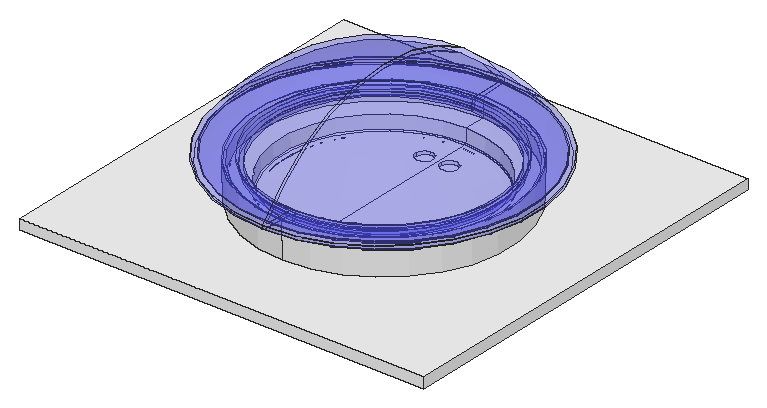
Revit family "BE_24029_de_DE", category Leuchten, Revit 2020
Family settings
  Basisbauteil = Fläche
  Bemaßung runder Anschluss = Durchmesser verwenden
  Teiletyp = Normal
  Beim Laden mit Abzugskörper schneiden = Ja
  Lichtquelle = Ja
  Gemeinsam genutzt = Nein
  Raumberechnungspunkt = Ja
Parameters (values of type "BEGA_24029_Weiß_K4")
  built-in parameter 1150104 = 12.105 (stored number, unit not read)
  Wattage = 14.2 W
  Default Elevation = 0 mm
  built-in parameter 1150113 = 1 (stored number, unit not read)
  built-in parameter 1114218 = 1 (stored number, unit not read)
  Umgebungstemperatur = "25 °C"
  URL = "https://www.bega.com/de/produkt/24029"
  Typenkommentare = "© 2022 BEGA. Wir behalten uns das Recht vor, technische Änderungen ohne vorherige Ankündigung vorzunehmen."  # constant formula
  Type Image = 24029.png
  built-in parameter 1150134 = 12
  built-in parameter 1150109 = 1 (stored number, unit not read)
  Strom = ""
  built-in parameter 1150110 = 1 (stored number, unit not read)
  Spannung = 239.996 V
  Sonderanfertigung = no
  Seriennummer [instance] = "Hier können Sie die eindeutige Seriennummer für das Facility Management eintragen."
  Schutzklasse = "I"
  Schutzart = "IP 65"
  Scheinlast = 0 VA
  Produktdatenblatt = "https://cdn.bega.com/bega/products/24029K3/current/documents/data-sheets/de"
  Oberflächentemperatur = ""
  Neigungswinkel = 0.00°
  Modell = "24029K4"
  Material_17 = BEGA_Reflektor
  Material_15 = BEGA_Leuchtmedium_matt
  Material_11 = BEGA_Glas_opal
  Material_09 = BEGA_Glas_klar
  Material_06 = BEGA_Oberfläche_Edelstahl_gebürstet
  Material_05 = BEGA_Oberfläche_Aluminium Guss
  Material_03 = BEGA_Oberfläche_Weiss_matt
  Material_02 = BEGA_Oberfläche_Silber_matt
  Material_01 [instance] = BEGA_Oberfläche_Grafit_matt
  M_W = yes
  M_G = no
  M_A = no
  Logo = 0
  built-in parameter 1114217 = 1 (stored number, unit not read)
  built-in parameter 1150139 = (empty or 0)
  built-in parameter 1150105 = 472.73 (stored number, unit not read)
  built-in parameter 1150114 = 1 (stored number, unit not read)
  Lumens = 1850.26 lm
  built-in parameter 1150115 = 1 (stored number, unit not read)
  Leuchtenlichtstrom = "1942 lm"
  Leuchtenanzahl = ""
  Lebensdauerkriterien = "L70B50 @ 25 °C = 200000 h"
  Lastklassifizierung = Beleuchtung
  built-in parameter 1150112 = 1 (stored number, unit not read)
  Lampenlichtstrom = "2625 lm"
  Lampe = "LED 13.8 W"
  LED_Modulbezeichnung = "LED-0917/840"
  built-in parameter 1150142 = (empty or 0)
  Hersteller = "BEGA"  # constant formula
  Halbstreuwinkel = ""
  Gewicht = "2.4 kg"
  Gebrauchslageneinschränkung [instance] = ""
  Frequenz = "0/50-60 Hz"
  Farbwiedergabeindex = "CRI > 80"
  Farbtemperaturverschiebung bei Dämpfen der Lampe = <Keine Auswahl>
  Farbtemperatur = "4000 K"
  Color Filter = 16777215
  built-in parameter 1150133 = 10 (stored number, unit not read)
  Energieeffizienzklasse = "LED A++ - A"
  built-in parameter 1150137 = (empty or 0)
  built-in parameter 1150132 = (empty or 0)
  ENEC = "ja"
  Dimmbar [instance] = "DALI"
  Datei für fotometrisches Netz = "BE_24029K4.IES"
  CE_Konformität = "ja"
  Bestellnummer = "24029K4"
  Beschreibung_Sonderanfertigung = "Hier können Sie Informationen zur Sonderanfertigung eintragen."
  Beschreibung = "Decken- und Wandleuchte"
  built-in parameter 1150106 = 4.7273 (stored number, unit not read)
  Befestigungsbohrung = "Ø 5,5 mm"
  Befestigungsabstand = "234 mm"
  Ballwurfsicher = ""
  BEGA_Intern_aus = yes
  BEGA_Intern_an = yes
  BEGA_Intern_Konstruktion = yes
  BEGA_Intern = yes
  BEGA_IES = yes
  BEGA_Dummy = no
  Anschlussleitung = ""
  Anschlussleistung [instance] = "16.3 W"
  Anschlusskasten = ""
  built-in parameter 1150107 = 4000 (stored number, unit not read)
  built-in parameter 1150102 = (empty or 0)
  built-in parameter 1150138 = (empty or 0)
  Aktualisierung = "2022-05-18T04:00:07"
  Abstand_zur_angestrahlten_Fläche [instance] = ""
  AC/DC = "AC/DC"
Types (2, lengths in mm): name | built-in parameter 1150134 | Modell | Leuchtenlichtstrom | Lampenlichtstrom | LED_Modulbezeichnung | Farbtemperatur | Datei für fotometrisches Netz | Bestellnummer | built-in parameter 1150107
  BEGA_24029_Weiß_K3 | (empty or 0) | "24029K3" | "1912 lm" | "2585 lm" | "LED-0917/830" | "3000 K" | "BE_24029K3.IES" | "24029K3" | 3000 (stored number, unit not read)
  BEGA_24029_Weiß_K4 | 12 | "24029K4" | "1942 lm" | "2625 lm" | "LED-0917/840" | "4000 K" | "BE_24029K4.IES" | "24029K4" | 4000 (stored number, unit not read)
Reference planes
  plane 1 "Mitte (Vorne/Hinten)": y = 0
  plane 2: z = 0
  plane 3 "Mitte (Links/Rechts)": x = 0
  plane 4 "Links": x = -150
  plane 5 "Rechts": x = 150
  plane 6 "Unten": y = -150
  plane 7 "Oben": y = 150
  plane 8 "Vorne": z = 119
  plane 9 "Hinten": z = 0
Forms (mm)
  Extrusion 1, solid, material "BEGA_Platte_Weiss"
    sketch origin (0, -1119.2, 0) x (1, 0, 0) y (0, 1, 0)
      loop
        line (-200, 1319.2) -> (-200, 919.2) -> (200, 919.2) -> (200, 1319.2) -> (-200, 1319.2)
    from 0 to -10
  Extrusion 2, solid, material "BEGA_Dummy_matt", visible <- "BEGA_Dummy"
    sketch origin (77.149, -76.023, 0) x (1, 0, 0) y (0, 1, 0)
      loop
        circle (-77.149, 76.023) r 150
    from 0 to 119
Dimensions and locks
  plane 1 "Mitte (Vorne/Hinten)" to Extrusion 1 = 200 mm
  aligned and locked: plane 2 to Extrusion 1
  aligned and locked: level to Extrusion 1
Nested families
  nested 1: "BE_24029" at (0, 0, 0), type "BE_24029"
Connectors
  electrical at (0, 0, 0), driven by "Lastklassifizierung", driven by "Spannung", driven by "Scheinlast"
    settings: index 1, voltage 239.996 V, apparent load 0 VA, apparent load phase1 0 VA, apparent load phase2 0 VA, apparent load phase3 0 VA, power factor 1, load classification "Beleuchtung", number of poles 1, system type 31, power factor state 1, is connector primary yes, connector utility no, sub classification motor no, connector description ""
Definition of nested family "BE_24029"
  Parameters (values of type "BE_24029")
    Default Elevation = 1 mm
    URL = "http://www.bega.de/de/produkt"
    Type Comments = "© 2015 BEGA. Wir behalten uns das Recht vor, technische Änderungen ohne vorherige Ankündigung vorzunehmen. "  # constant formula
    Type Image = (empty or 0)
    Neigungswinkel_um_Z2 = 0.00°
    Neigungswinkel_um_Z1 = 0.00°
    Neigungswinkel_um_Y2 = 0.00°
    Neigungswinkel_um_Y1 = 0.00°
    Neigungswinkel_um_X2 = 0.00°
    Neigungswinkel_um_X1 = 0.00°
    Material_17 = none
    Material_15 = none
    Material_11 = none
    Material_09 = none
    Material_06 = none
    Material_05 = none
    Material_03 = none
    Material_02 = none
    Material_01 = none
    M_W = yes
    M_G = yes
    M_A = yes
    Länge_Platte = 400 mm  # constant formula
    Höhe_Platte = -10 mm  # constant formula
    Manufacturer = "BEGA"  # constant formula
    Drehwinkel_um_Z2 = 0.00°
    Drehwinkel_um_Z1 = 0.00°
    Breite_Platte = 400 mm  # constant formula
  Reference planes
    plane 1 "Mitte (Oben/Unten)": y = 0
    plane 2: z = 0
    plane 3 "Mitte (Links/Rechts)": x = 0
    plane 4: y = -150
    plane 5: z = 119
    plane 6: y = 150
    plane 7: x = -150
    plane 8: x = 150
  Forms (mm)
    Extrusion 1, solid, detail levels medium
      sketch origin (0, 0, 0) x (1, 0, 0) y (0, 1, 0)
        loop
          line (-200, 200) -> (-200, -200) -> (200, -200) -> (200, 200) -> (-200, 200)
      from 0 to -10 <- "Höhe_Platte"
    Revolve 2, solid, material <- "Material_03", detail levels medium+fine
      sketch origin (0, 0, 0) x (0, 1, 0) y (0, 0, 1)
        loop
          line (0, 1.5) -> (0, 4) -> (-100.266, 4)
          arc (-100.266, 4) -> (-100.961, 4.281) -> (-101.265, 4.966) r 1
          line (-101.265, 4.966) -> (-101.721, 18) -> (-122.57, 18) -> (-122.301, 33.371) -> (-124.43, 35.5) -> (-125.5, 35.5) -> (-124.889, 0.5) -> (-122.875, 0.5) -> (-122.613, 15.5) -> (-105.101, 15.5)
          arc (-105.101, 15.5) -> (-104.405, 15.219) -> (-104.101, 14.534) r 1
          line (-104.101, 14.534) -> (-103.645, 1.466)
          arc (-103.645, 1.466) -> (-103.34, 0.781) -> (-102.645, 0.5) r 1
          line (-102.645, 0.5) -> (-98.918, 0.5)
          arc (-98.918, 0.5) -> (-98.418, 0.634) -> (-98.05, 1) r 1
          arc (-98.05, 1) -> (-97.684, 1.366) -> (-97.184, 1.5) r 1
          line (-97.184, 1.5) -> (0, 1.5)
        axis (0, 35.5) -> (0, 0.5)
      angle from 0 to 360
    Revolve 3, solid, material <- "Material_03", detail levels medium+fine
      sketch origin (117, 0, 0) x (0, 1, 0) y (0, 0, 1)
        loop
          line (-2.5, 0) -> (-2.5, 16.045) -> (-7.987, 16.045) -> (-6.932, 0.947)
          arc (-6.932, 0.947) -> (-6.61, 0.274) -> (-5.916, 0) r 1.018
          line (-5.916, 0) -> (-2.5, 0)
        axis (0, 16.045) -> (0, 0)
      angle from 0 to 360
    Extrusion 4, void
      sketch origin (0, 0, 0) x (1, 0, 0) y (0, 1, 0)
        loop
          circle (-12.315, 65.823) r 8.5
        loop
          circle (12.315, 65.823) r 8.5
      from 0 to 9
    Revolve 5, solid, material <- "Material_11", detail levels medium+fine
      sketch origin (0, 0, 0) x (0, 1, 0) y (0, 0, 1)
        loop
          arc (0, 119) -> (-84.138, 98.515) -> (-149.442, 41.647) r 183.033
          arc (-149.442, 41.647) -> (-149.685, 38.566) -> (-147.079, 36.905) r 3
          line (-147.079, 36.905) -> (-114.448, 36.051)
          arc (-114.448, 36.051) -> (-113.067, 35.447) -> (-112.5, 34.052) r 2
          line (-112.5, 34.052) -> (-112.5, 29) -> (-108.5, 29) -> (-108.5, 34.052)
          arc (-108.5, 34.052) -> (-110.201, 38.237) -> (-114.339, 40.05) r 6
          line (-114.339, 40.05) -> (-143.184, 40.805)
          arc (-143.184, 40.805) -> (-144.051, 41.353) -> (-143.979, 42.376) r 1
          arc (-143.979, 42.376) -> (-80.629, 95.816) -> (0, 115) r 179.033
          line (0, 115) -> (0, 119)
        axis (0, 119) -> (0, 29)
      angle from 0 to 360
    Revolve 6, solid, material <- "Material_03", detail levels medium+fine
      sketch origin (-117, 0, 0) x (0, 1, 0) y (0, 0, -1)
        loop
          line (-2.5, 0) -> (-5.916, 0)
          arc (-5.916, 0) -> (-6.61, -0.274) -> (-6.932, -0.947) r 1.018
          line (-6.932, -0.947) -> (-7.987, -16.045) -> (-2.5, -16.045) -> (-2.5, 0)
        axis (0, -16.045) -> (0, 0)
      angle from 0 to 360
  Cuts and joins
    Extrusion 4 cuts Revolve 2
    Extrusion 4 cuts Revolve 3
    joined: Revolve 2, Revolve 3, Revolve 6
  Dimensions and locks
    equal spacing: Extrusion 1 sketch curve, plane 3 "Mitte (Links/Rechts)", Extrusion 1 sketch curve
    equal spacing: Extrusion 1 sketch curve, plane 1 "Mitte (Oben/Unten)", Extrusion 1 sketch curve
    "Länge_Platte": Extrusion 1 sketch curve to Extrusion 1 sketch curve
    "Breite_Platte": Extrusion 1 sketch curve to Extrusion 1 sketch curve
    aligned and locked: plane 2 to Extrusion 1
    aligned and locked: level to Extrusion 1
  Automatic sketch dimensions
    Revolve 2 sketch curve to plane 1 "Mitte (Oben/Unten)" = 0 mm  (x2)
    level to Revolve 2 sketch curve = 1.5 mm  (x2)
    Revolve 2 sketch curve to Revolve 2 sketch curve = 1.734 mm
    Revolve 2 sketch curve to Revolve 2 sketch curve = 1.348 mm
    level to Revolve 2 sketch curve = 4.966 mm
    Revolve 2 sketch curve to Revolve 2 sketch curve = 0.999 mm  (x3)
    Revolve 2 sketch curve to Revolve 2 sketch curve = 0.455 mm
    Revolve 2 sketch curve to Revolve 2 sketch curve = 2.379 mm
    level to Revolve 2 sketch curve = 1.466 mm
    Revolve 2 sketch curve to Revolve 2 sketch curve = 2.38 mm
    level to Revolve 2 sketch curve = 0.5 mm  (x3)
    Revolve 2 sketch curve to Revolve 2 sketch curve = 1 mm
    Revolve 2 sketch curve to Revolve 2 sketch curve = 2.5 mm  (x2)
    Revolve 2 sketch curve to Revolve 2 sketch curve = 9.534 mm
    Revolve 2 sketch curve to Revolve 2 sketch curve = 0.034 mm
    Revolve 2 sketch curve to Revolve 2 sketch curve = 15.371 mm
    Revolve 2 sketch curve to Revolve 2 sketch curve = 2.129 mm  (x2)
    level to Revolve 2 sketch curve = 1 mm
    Revolve 2 sketch curve to Revolve 2 sketch curve = 0.002 mm
    Revolve 2 sketch curve to Revolve 2 sketch curve = 0 mm  (x2)
    Revolve 2 sketch curve to level = 2 mm
    Revolve 3 sketch curve to level = 0 mm  (x2)
    Revolve 3 sketch curve to plane 1 "Mitte (Oben/Unten)" = 0 mm
    Revolve 3 sketch curve to Revolve 3 sketch curve = 2.5 mm
    level to Revolve 3 sketch curve = 1.018 mm
    Revolve 3 sketch curve to Revolve 3 sketch curve = 3.416 mm
    level to Revolve 3 sketch curve = 0.947 mm
    Revolve 3 sketch curve to Revolve 3 sketch curve = 5.487 mm
    Revolve 3 sketch curve to Revolve 3 sketch curve = 15.098 mm
    Revolve 3 sketch curve to Revolve 3 sketch curve = 3.047 mm
    Extrusion 4 sketch curve to plane 3 "Mitte (Links/Rechts)" = 12.315 mm
    plane 3 "Mitte (Links/Rechts)" to Extrusion 4 sketch curve = 12.315 mm
    Extrusion 4 sketch curve to plane 1 "Mitte (Oben/Unten)" = 65.823 mm
    Extrusion 4 sketch curve to Extrusion 4 sketch curve = 0 mm
    Revolve 5 sketch curve to plane 1 "Mitte (Oben/Unten)" = 0 mm  (x3)
    Revolve 6 sketch curve to level = 0 mm  (x2)
    Revolve 6 sketch curve to plane 1 "Mitte (Oben/Unten)" = 0 mm
    Revolve 6 sketch curve to Revolve 6 sketch curve = 2.5 mm
    level to Revolve 6 sketch curve = 1.018 mm
    Revolve 6 sketch curve to Revolve 6 sketch curve = 3.416 mm
    level to Revolve 6 sketch curve = 0.947 mm
    Revolve 6 sketch curve to Revolve 6 sketch curve = 5.487 mm
    Revolve 6 sketch curve to Revolve 6 sketch curve = 15.027 mm
    Revolve 6 sketch curve to Revolve 6 sketch curve = 3.047 mm
    Revolve 5 sketch curve to Revolve 5 sketch curve = 12.396 mm
    plane 1 "Mitte (Oben/Unten)" to Revolve 5 sketch curve = 0 mm
    Revolve 5 sketch curve to level = 64.033 mm
    Revolve 5 sketch curve to Revolve 5 sketch curve = 0 mm  (x13)
    Revolve 5 sketch curve to Revolve 5 sketch curve = 5.464 mm
    level to Revolve 5 sketch curve = 42.376 mm
    Revolve 5 sketch curve to Revolve 5 sketch curve = 0.729 mm
    Revolve 5 sketch curve to Revolve 5 sketch curve = 2.442 mm
    Revolve 5 sketch curve to Revolve 5 sketch curve = 1.742 mm
    Revolve 5 sketch curve to Revolve 5 sketch curve = 0.079 mm
    Revolve 5 sketch curve to Revolve 5 sketch curve = 0.821 mm
    Revolve 5 sketch curve to Revolve 5 sketch curve = 0.572 mm
    Revolve 5 sketch curve to Revolve 5 sketch curve = 0.026 mm
    Revolve 5 sketch curve to Revolve 5 sketch curve = 4.754 mm
    Revolve 5 sketch curve to Revolve 5 sketch curve = 0.052 mm
    Revolve 5 sketch curve to Revolve 5 sketch curve = 0.109 mm
    Revolve 5 sketch curve to Revolve 5 sketch curve = 1.999 mm
    Revolve 5 sketch curve to Revolve 5 sketch curve = 3.999 mm
    Revolve 5 sketch curve to Revolve 5 sketch curve = 2 mm
    Revolve 5 sketch curve to Revolve 5 sketch curve = 5.052 mm
    Revolve 5 sketch curve to Revolve 5 sketch curve = 4 mm
    Revolve 2 sketch curve to Revolve 2 sketch curve = 97.184 mm
    Revolve 2 sketch curve to Revolve 2 sketch curve = 17.201 mm
    Revolve 2 sketch curve to Revolve 2 sketch curve = 0.268 mm
    Revolve 2 sketch curve to Revolve 2 sketch curve = 0.044 mm
    Revolve 2 sketch curve to Revolve 2 sketch curve = 0.262 mm
    Revolve 2 sketch curve to Revolve 2 sketch curve = 2.014 mm
    Revolve 2 sketch curve to Revolve 2 sketch curve = 1.07 mm
    plane 1 "Mitte (Oben/Unten)" to Revolve 5 sketch curve = 108.5 mm
    Revolve 5 sketch curve to Revolve 5 sketch curve = 28.82 mm
    Revolve 5 sketch curve to Revolve 5 sketch curve = 28.396 mm
    radius of Extrusion 4 sketch curve = 8.5 mm  (x2)
